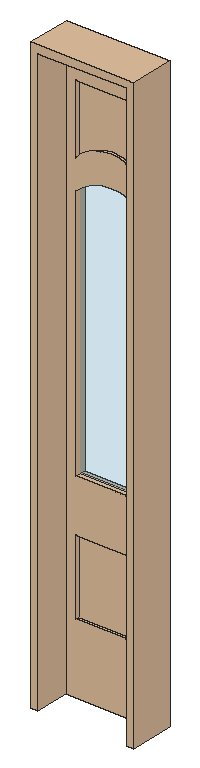
Revit family "M_Porta-Externa-Lateral_Leve-Vidro em arco completo-Revestida_Madeira", category Portas, Revit 2019
Family settings
  Hospedeiro = Parede
  Número OmniClass = 23.30.10.14
  Título OmniClass = Passage Doors by Material
  Sempre na vertical = Sim
  Corte com vazios quando carregada = Não
  Compartilhado = Não
  Ponto de cálculo do ambiente = Não
Parameters (values of type "300 x 2000mm")
  Visual Light Transmittance = 0
  Material da apara = Cerejeira
  Raio = (0.5 * Largura - Estilos) * (0.5 * Largura - Estilos) / 101.6 mm + 25.4 mm  # 155.567 mm
  Bloquear corrimão = 180 mm
  Espessura = 35 mm
  Resistência térmica (R) = 0.188367 (m²·K)/W
  Estilos = 35 mm
  Solar Heat Gain Coefficient = 0
  Rough Width = Largura + 50 mm  # 350 mm
  Altura bruta = Altura + 25 mm  # 2025 mm
  Material do painel = Cerejeira
  Altura = 2000 mm
  Fechamento da parede = Por hospedeiro
  Largura = 300 mm
  Coeficiente de transferência de calor (U) = 5.30918 W/(m²·K)
  Vidraça = Vidro
  Função = Exterior
  Material da moldura = Cerejeira
  Deslocamento da porta [instance] = 0 mm
  Corrimão inferior = 240 mm
  Construction Type = ""
  Código de montagem = "B2030100"
  Construção analítica = "Porta francesa, moldura de madeira com vidro único"
Reference planes
  plane 1 "Centro (Frente/Trás)": y = 0
  plane 2 "Centro (Esquerda/Direita)": x = 0
  plane 3 "Esquerda": x = -175
  plane 4 "Direita": x = 175
  plane 5 "Superior": z = 2025
  plane 6 "Deslocamento da porta": y = 73.025
  plane 7 "Interior": y = -79.375
  plane 8 "Painel esquerdo da porta": x = -150
  plane 9 "Painel direito da porta": x = 150
  plane 10 "Topo do painel": z = 2000
  plane 11: z = 0
  plane 12: z = 0
  plane 13: x = 168.65
  plane 14: y = 38.025
  plane 15: y = 3.1
  plane 16: x = 137.3
  plane 17: y = 38.025
  plane 18: z = 1000
  plane 19: z = 1879.35
  plane 20 "2": x = -115
  plane 21: y = 52.025
  plane 22: y = 59.025
  plane 23: y = 45.025
  plane 24: y = 66.025
  plane 25: z = 1000
  plane 26: z = 0
  plane 27 "1": x = 115
  plane 28: x = 98.8
  plane 29: y = 49.692
  plane 30: y = 61.358
  plane 31: z = 676.275
  plane 32: y = 55.525
  plane 33: z = 1644.4
  plane 34: z = 495.3
  plane 35: z = 675.3
  plane 36: z = 240
  plane 37: y = 61.358
  plane 38: y = 49.692
  plane 39: z = 1542.8
  plane 40: z = 1695.2
  plane 41: z = 1593.6
  plane 42: z = 1438.033
  plane 43: z = 1539.633
  plane 44 "Exterior": y = 73.025
Forms (mm)
  Sweep 1, solid, material "Cerejeira" <- "Material da moldura"
    path origin (0, 0, 0) x (1, 0, 0) y (0, 0, 1)
      loop
        line (175, 0) -> (175, 2025) -> (-175, 2025) -> (-175, 0)
    profile origin (175, 0, 1012.5) x (-1, 0, 0) y (0, -1, 0)
      loop
        line (25, -73.025) -> (25, 79.375) -> (0, 79.375) -> (0, -73.025) -> (25, -73.025)
  Extrusion 2, solid, material "Cerejeira" <- "Material do painel"
    sketch origin (0, 0, 0) x (1, 0, 0) y (0, 0, 1)
      loop
        line (150, 2000) -> (-150, 2000) -> (-150, 0) -> (150, 0) -> (150, 2000)
      loop
        line (-115, 1542.8) -> (-115, 675.3) -> (115, 675.3) -> (115, 1542.8)
        arc (115, 1542.8) -> (0, 1593.6) -> (-115, 1542.8) r 155.567
      loop
        line (115, 495.3) -> (-115, 495.3) -> (-115, 240) -> (115, 240) -> (115, 495.3)
      loop
        line (115, 1879.35) -> (-115, 1879.35) -> (-115, 1644.4)
        arc (-115, 1644.4) -> (0, 1695.2) -> (115, 1644.4) r 155.567
        line (115, 1644.4) -> (115, 1879.35)
    from -73.025 to -38.025
  Extrusion 3, solid, material "Vidro" <- "Vidraça"
    sketch origin (0, 0, 0) x (1, 0, 0) y (0, 0, 1)
      loop
        line (-115, 1542.8) -> (-115, 675.3) -> (115, 675.3) -> (115, 1542.8)
        arc (115, 1542.8) -> (0, 1593.6) -> (-115, 1542.8) r 155.567
    from -59.025 to -52.025
  Extrusion 4, solid, material "Cerejeira" <- "Material do painel"
    sketch origin (0, 0, 0) x (1, 0, 0) y (0, 0, 1)
      loop
        line (115, 495.3) -> (-115, 495.3) -> (-115, 240) -> (115, 240) -> (115, 495.3)
      loop
        line (115, 1879.35) -> (-115, 1879.35) -> (-115, 1644.4)
        arc (-115, 1644.4) -> (0, 1695.2) -> (115, 1644.4) r 155.567
        line (115, 1644.4) -> (115, 1879.35)
    from -61.358 to -49.692
Lines and regions (mm)
  Opening 1
    outline origin (-2286, -79.375, 0) x (1, 0, 0) y (0, 0, 1)
      loop
        line (2111, 0) -> (2461, 0) -> (2461, 2025) -> (2111, 2025) -> (2111, 0)
  Masking region 1
    outline origin (0, 0, 0) x (1, 0, 0) y (0, 1, 0)
      loop
        line (-175, 73.025) -> (-175, -79.375) -> (-150, -79.375) -> (-150, 73.025) -> (-175, 73.025)
      loop
        line (175, 73.025) -> (150, 73.025) -> (150, -79.375) -> (175, -79.375) -> (175, 73.025)
  Masking region 2
    outline origin (0, 0, 0) x (0, 1, 0) y (0, 0, 1)
      loop
        line (73.025, 2025) -> (-79.375, 2025) -> (-79.375, 2018.65) -> (73.025, 2018.65) -> (73.025, 2025)
  Masking region 3
    outline origin (0, 0, 0) x (1, 0, 0) y (0, 1, 0)
      loop
        line (-150, 73.025) -> (-150, 38.025) -> (150, 38.025) -> (150, 73.025) -> (-150, 73.025)
  model lines, style "DoorsGlassProjection"
    curve 1: line (115, 55.525, 1542.8) -> (115, 55.525, 676.275)
    curve 2: line (-115, 55.525, 676.275) -> (-115, 55.525, 1542.8)
    curve 3: arc (115, 55.525, 1542.8) -> (0, 55.525, 1593.6) -> (-115, 55.525, 1542.8) r 155.567
  symbolic lines, style "DoorsGlassProjection"
    curve 4: line (-150, 55.525, 0) -> (150, 55.525, 0)
Text (mm)
  text "Exterior" at (-1904.17, 693.701, 0), in view "Nível de referência"
  text "Interior" at (-1904.17, -638.649, 0), in view "Nível de referência"
  text "Exterior" at (0, 1019.848, 3124.603), in view "Direita"
  text "Interior" at (0, -1635.541, 3124.603), in view "Direita"
  text "Interior" at (0, -787.806, 3124.376), in view "Esquerda"
  text "Exterior" at (0, 1386.095, 3124.376), in view "Esquerda"
Dimensions and locks
  equal spacing: plane 3 "Esquerda", plane 2 "Centro (Esquerda/Direita)", plane 4 "Direita"
  "Altura bruta": level to plane 5 "Superior"
  equal spacing: plane 8 "Painel esquerdo da porta", plane 2 "Centro (Esquerda/Direita)", plane 9 "Painel direito da porta"
  "Largura": plane 8 "Painel esquerdo da porta" to plane 9 "Painel direito da porta"
  "Altura": level to plane 10 "Topo do painel"
  plane 11 to plane 12 = 0 mm
  locked: plane 13 to plane 4 "Direita" at 6.35
  "Espessura": plane 14 to plane 6 "Deslocamento da porta"
  locked: plane 14 to plane 15 at 34.925
  locked: plane 16 to plane 9 "Painel direito da porta" at 12.7
  "Espessura": plane 6 "Deslocamento da porta" to plane 17
  "Rough Width": plane 3 "Esquerda" to plane 4 "Direita"
  locked: plane 19 to plane 10 "Topo do painel" at 120.65
  "Estilos": plane 8 "Painel esquerdo da porta" to plane 20 "2"
  equal spacing: plane 11, plane 25, plane 10 "Topo do painel"
  plane 22 to plane 21 = 7 mm
  plane 12 to plane 26 = 0 mm
  "Estilos": plane 27 "1" to plane 9 "Painel direito da porta"
  plane 28 to plane 4 "Direita" = 76.2 mm
  equal spacing: plane 17, plane 23, plane 21, plane 22, plane 24, plane 6 "Deslocamento da porta"
  equal spacing: plane 17, plane 29, plane 30, plane 6 "Deslocamento da porta"
  equal spacing: plane 22, plane 32, plane 21
  "Bloquear corrimão": plane 34 to plane 35
  "Corrimão inferior": plane 26 to plane 36
  equal spacing: plane 17, plane 38, plane 37, plane 6 "Deslocamento da porta"
  locked: plane 33 to plane 19 at 234.95
  locked: plane 39 to plane 33 at 101.6
  locked: plane 33 to plane 40 at 50.8
  locked: plane 39 to plane 41 at 50.8
  locked: plane 42 to plane 43 at 101.6
  "Raio": plane 43 to plane 40
  equal spacing: plane 6 "Deslocamento da porta", curve 4, plane 17
  plane 6 "Deslocamento da porta" to curve 4 = 17.5 mm
  "Deslocamento da porta": plane 44 "Exterior" to plane 6 "Deslocamento da porta"
  aligned and locked: plane 3 "Esquerda" to Opening 1 sketch curve
  aligned and locked: plane 5 "Superior" to Opening 1 sketch curve  (x2)
  aligned and locked: Opening 1 sketch curve to plane 4 "Direita"
  aligned and locked: Opening 1 sketch curve to level
  aligned and locked: plane 7 "Interior" to host wall
  aligned and locked: plane 5 "Superior" to Sweep 1 sketch curve
  aligned and locked: plane 4 "Direita" to Sweep 1 sketch curve
  aligned and locked: Sweep 1 sketch curve to plane 3 "Esquerda"
  aligned and locked: plane 11 to level
  aligned and locked: plane 11 to Sweep 1 sketch curve  (x2)
  aligned and locked: Sweep 1 sketch curve to plane 9 "Painel direito da porta"
  aligned and locked: Sweep 1 sketch curve to plane 7 "Interior"
  aligned and locked: Extrusion 2 sketch curve to plane 10 "Topo do painel"
  aligned and locked: Extrusion 2 sketch curve to plane 8 "Painel esquerdo da porta"
  aligned and locked: Extrusion 2 to plane 17
  aligned and locked: Extrusion 2 to plane 6 "Deslocamento da porta"
  aligned and locked: Extrusion 2 sketch curve to plane 20 "2"
  aligned and locked: Extrusion 3 sketch curve to plane 20 "2"
  aligned and locked: plane 22 to Extrusion 3
  aligned and locked: Extrusion 3 to plane 21
  aligned and locked: Masking region 1 sketch curve to plane 3 "Esquerda"
  aligned and locked: plane 8 "Painel esquerdo da porta" to Masking region 1 sketch curve
  aligned and locked: Masking region 1 sketch curve to plane 7 "Interior"
  aligned and locked: plane 6 "Deslocamento da porta" to Masking region 1 sketch curve
  aligned and locked: plane 9 "Painel direito da porta" to Masking region 1 sketch curve
  aligned and locked: Masking region 1 sketch curve to plane 4 "Direita"
  aligned and locked: plane 7 "Interior" to Masking region 1 sketch curve
  aligned and locked: Masking region 1 sketch curve to plane 6 "Deslocamento da porta"
  aligned and locked: host wall to Sweep 1 sketch curve
  aligned and locked: Masking region 2 sketch curve to host wall
  aligned and locked: host wall to Masking region 2 sketch curve
  aligned and locked: plane 7 "Interior" to Masking region 2 sketch curve
  aligned and locked: Extrusion 3 sketch curve to plane 27 "1"
  aligned and locked: plane 25 to plane 18
  aligned and locked: Masking region 3 sketch curve to Extrusion 2  (x3)
  aligned and locked: Sweep 1 to Masking region 3 sketch curve
  aligned and locked: plane 35 to Extrusion 3 sketch curve
  aligned and locked: plane 35 to Extrusion 2 sketch curve
  aligned and locked: Extrusion 2 sketch curve to plane 26
  aligned and locked: Extrusion 2 sketch curve to plane 27 "1"  (x2)
  aligned and locked: plane 34 to Extrusion 2 sketch curve
  aligned and locked: Extrusion 2 sketch curve to plane 36
  aligned and locked: plane 20 "2" to Extrusion 2 sketch curve
  aligned and locked: Extrusion 4 sketch curve to Extrusion 2  (x4)
  aligned and locked: Extrusion 4 sketch curve to plane 27 "1"
  aligned and locked: plane 19 to Extrusion 4 sketch curve
  aligned and locked: plane 20 "2" to Extrusion 4 sketch curve
  aligned and locked: plane 37 to Extrusion 4
  aligned and locked: Extrusion 4 to plane 38
  aligned and locked: curve 1 to plane 27 "1"
  aligned and locked: plane 20 "2" to curve 2
  aligned and locked: plane 39 to curve 3  (x2)
  aligned and locked: plane 42 to curve 3
  aligned and locked: plane 2 "Centro (Esquerda/Direita)" to curve 3
  aligned and locked: plane 43 to Extrusion 2 sketch curve
  aligned and locked: plane 2 "Centro (Esquerda/Direita)" to Extrusion 2 sketch curve  (x2)
  aligned and locked: plane 42 to Extrusion 2 sketch curve
  aligned and locked: plane 39 to Extrusion 2 sketch curve
  aligned and locked: plane 33 to Extrusion 2 sketch curve  (x2)
  aligned and locked: plane 43 to Extrusion 4 sketch curve
  aligned and locked: plane 2 "Centro (Esquerda/Direita)" to Extrusion 4 sketch curve
  aligned and locked: plane 33 to Extrusion 4 sketch curve  (x2)
  aligned and locked: plane 42 to Extrusion 3 sketch curve
  aligned and locked: plane 2 "Centro (Esquerda/Direita)" to Extrusion 3 sketch curve
  aligned and locked: plane 39 to Extrusion 3 sketch curve
  aligned and locked: plane 8 "Painel esquerdo da porta" to curve 4
  aligned and locked: plane 9 "Painel direito da porta" to curve 4
  aligned and locked: host wall to plane 44 "Exterior"
  aligned and locked: plane 6 "Deslocamento da porta" to Sweep 1 sketch curve
Automatic sketch dimensions
  plane 5 "Superior" to Masking region 2 sketch curve = 6.35 mm
  Extrusion 2 sketch curve to plane 19 = 0 mm
  plane 27 "1" to Extrusion 2 sketch curve = 0 mm
  plane 9 "Painel direito da porta" to Extrusion 2 sketch curve = 0 mm
  Extrusion 2 sketch curve to plane 10 "Topo do painel" = 0 mm
  curve 1 to plane 31 = 0 mm
  curve 2 to plane 31 = 0 mm
Types in the file's own list only (11): name | Transmissão de luz visual | Raio | Resistência térmica (R) | Coeficiente de ganho de calor solar | Largura bruta | Altura bruta | Altura | Largura | Coeficiente de transferência de calor (U)
  330 x 2000mm | 0 | 192 mm | 0.1884 (m²·K)/W | 0 | 380 mm | 2025 mm | 2000 mm | 330 mm | 5.3092 W/(m²·K)
  350 x 2000mm | 0 | 218 mm | 0.1884 (m²·K)/W | 0 | 400 mm | 2025 mm | 2000 mm | 350 mm | 5.3092 W/(m²·K)
  380 x 2000mm | 0 | 262 mm | 0.1884 (m²·K)/W | 0 | 430 mm | 2025 mm | 2000 mm | 380 mm | 5.3092 W/(m²·K)
  300 x 2100mm | 0 | 156 mm | 0.1884 (m²·K)/W | 0 | 350 mm | 2125 mm | 2100 mm | 300 mm | 5.3092 W/(m²·K)
  330 x 2100mm | 0 | 192 mm | 0.1884 (m²·K)/W | 0 | 380 mm | 2125 mm | 2100 mm | 330 mm | 5.3092 W/(m²·K)
  350 x 2100mm | 0 | 218 mm | 0.1884 (m²·K)/W | 0 | 400 mm | 2125 mm | 2100 mm | 350 mm | 5.3092 W/(m²·K)
  380 x 2100mm | 0 | 262 mm | 0.1884 (m²·K)/W | 0 | 430 mm | 2125 mm | 2100 mm | 380 mm | 5.3092 W/(m²·K)
  300 x 2400mm | 0 | 156 mm | 0.1884 (m²·K)/W | 0 | 350 mm | 2425 mm | 2400 mm | 300 mm | 5.3092 W/(m²·K)
  330 x 2400mm | 0 | 192 mm | 0.1884 (m²·K)/W | 0 | 380 mm | 2425 mm | 2400 mm | 330 mm | 5.3092 W/(m²·K)
  350 x 2400mm | 0 | 218 mm | 0.1884 (m²·K)/W | 0 | 400 mm | 2425 mm | 2400 mm | 350 mm | 5.3092 W/(m²·K)
  380 x 2400mm | 0 | 262 mm | 0.1884 (m²·K)/W | 0 | 430 mm | 2425 mm | 2400 mm | 380 mm | 5.3092 W/(m²·K)
